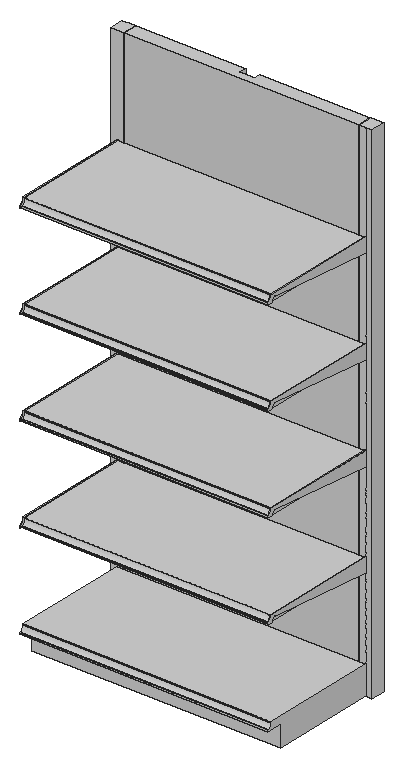
Revit family "TL3", category Specialty Equipment, Revit 2012
Parameters (values of type "Tube Line End (Default)")
  URL = "http://www.madixinc.com/display/tubeline.html#"
  Model = "Tube Line"
  Manufacturer = "Madix, Inc."
  "Right" Shelf Width = 1' - 10"
  "Left" Shelf Width = 1' - 10"
  "Front" Regular Base Shelf [instance] = yes
  "Front" Shelf 2' [instance] = yes
  "Front" Shelf 3' - 6" [instance] = yes
  "Front" Shelf 5' [instance] = yes
  "Front" Shelf 6' - 6" [instance] = yes
  "Front" Shelf Depth = 1' - 10"
  Height = 8' - 0"
Reference planes (in)
  plane 1 "Center (Front/Back)": y = 0
  plane 2: z = 0
  plane 3 "Center (Left/Right)": x = 0
  plane 4: y = 1.1178
  plane 5: y = -1.6322
  plane 6: z = 96
  plane 7: z = 0
  plane 8 "1st shelf": z = 23.5
  plane 9 "2nd shelf": z = 41.5
  plane 10 "3rd shelf": z = 59.5
  plane 11 "4th shelf": z = 77.5
  plane 12: y = -24.5072
  plane 13: x = 0
  plane 14: x = 46.75
  plane 15: x = 0.125
  plane 16: x = 46.625
  plane 17: z = 41.5
  plane 18: y = 23.9928
  plane 19: x = 43.875
  plane 20: x = 2.875
  plane 21: y = -21.6322
  plane 22: y = -24.3822
  plane 23: y = -23.6322
  plane 24: x = 22
  plane 25: x = 24.75
  plane 26: x = 0
Forms (in)
  Extrusion 1, solid, material "Metal - Steel", visible <- ""Front" Shelf 2'"
    sketch origin (0, -0.2572, 0) x (0, 1, 0) y (0, 0, 1)
      loop
        line (-1.375, 23.5) -> (-23.5, 23.5) -> (-23.625, 23.5)
        arc (-23.625, 23.5) -> (-23.83033, 22.87796) -> (-24.25, 22.375) r 1.75
        line (-24.25, 22.375) -> (-24.25, 22.125) -> (-23.375, 22.125) -> (-23.375, 22.375) -> (-22.625, 23) -> (-22.375, 23) -> (-22.375, 22.875) -> (-1.375, 20.75) -> (-1.375, 23.5)
      loop
        circle (-20.375, 23) r 0.125
      loop
        circle (-2.5, 23) r 0.125
    from 0 to 0.125
  Extrusion 2, solid, material "Metal - Steel", visible <- ""Front" Shelf 2'"
    sketch origin (0, -0.2572, 0) x (0, 1, 0) y (0, 0, 1)
      loop
        line (-23.5, 23.5) -> (-23.5, 23.375) -> (-23.375, 23.375)
        arc (-23.375, 23.375) -> (-23.58033, 22.75296) -> (-24, 22.25) r 1.75
        line (-24, 22.25) -> (-24, 22.375) -> (-24.125, 22.375) -> (-24.125, 22.125) -> (-23.375, 22.125) -> (-1.375, 22.125) -> (-1.375, 23.5) -> (-23.5, 23.5)
    from 0.125 to 46.625
  Extrusion 3, solid, material "Metal - Steel", visible <- ""Front" Shelf 2'"
    sketch origin (26.4055, -0.2572, 0) x (0, 1, 0) y (0, 0, -1)
      loop
        line (-1.375, -23.5) -> (-1.375, -20.75) -> (-22.375, -22.875) -> (-22.375, -23) -> (-22.625, -23) -> (-23.375, -22.375) -> (-23.375, -22.125) -> (-24.25, -22.125) -> (-24.25, -22.375)
        arc (-24.25, -22.375) -> (-23.83033, -22.87796) -> (-23.625, -23.5) r 1.75
        line (-23.625, -23.5) -> (-23.5, -23.5) -> (-1.375, -23.5)
      loop
        circle (-20.375, -23) r 0.125
      loop
        circle (-2.5, -23) r 0.125
    from -20.3445 to -20.2195
  Extrusion 4, solid, material "Metal - Steel", visible <- ""Front" Shelf 3' - 6""
    sketch origin (0, -0.2572, 18) x (0, 1, 0) y (0, 0, 1)
      loop
        line (-1.375, 23.5) -> (-23.5, 23.5) -> (-23.625, 23.5)
        arc (-23.625, 23.5) -> (-23.83033, 22.87796) -> (-24.25, 22.375) r 1.75
        line (-24.25, 22.375) -> (-24.25, 22.125) -> (-23.375, 22.125) -> (-23.375, 22.375) -> (-22.625, 23) -> (-22.375, 23) -> (-22.375, 22.875) -> (-1.375, 20.75) -> (-1.375, 23.5)
      loop
        circle (-20.375, 23) r 0.125
      loop
        circle (-2.5, 23) r 0.125
    from 0 to 0.125
  Extrusion 5, solid, material "Metal - Steel", visible <- ""Front" Shelf 3' - 6""
    sketch origin (0, -0.2572, 18) x (0, 1, 0) y (0, 0, 1)
      loop
        line (-23.5, 23.5) -> (-23.5, 23.375) -> (-23.375, 23.375)
        arc (-23.375, 23.375) -> (-23.58033, 22.75296) -> (-24, 22.25) r 1.75
        line (-24, 22.25) -> (-24, 22.375) -> (-24.25, 22.375) -> (-24.25, 22.125) -> (-23.375, 22.125) -> (-1.375, 22.125) -> (-1.375, 23.5) -> (-23.5, 23.5)
    from 0.125 to 46.625
  Extrusion 6, solid, material "Metal - Steel", visible <- ""Front" Shelf 3' - 6""
    sketch origin (26.4055, -0.2572, 18) x (0, 1, 0) y (0, 0, -1)
      loop
        line (-1.375, -23.5) -> (-1.375, -20.75) -> (-22.375, -22.875) -> (-22.375, -23) -> (-22.625, -23) -> (-23.375, -22.375) -> (-23.375, -22.125) -> (-24.25, -22.125) -> (-24.25, -22.375)
        arc (-24.25, -22.375) -> (-23.83033, -22.87796) -> (-23.625, -23.5) r 1.75
        line (-23.625, -23.5) -> (-23.5, -23.5) -> (-1.375, -23.5)
      loop
        circle (-20.375, -23) r 0.125
      loop
        circle (-2.5, -23) r 0.125
    from -20.3445 to -20.2195
  Extrusion 7, solid, material "Metal - Steel", visible <- ""Front" Shelf 5'"
    sketch origin (0, -0.2572, 36) x (0, 1, 0) y (0, 0, 1)
      loop
        line (-1.375, 23.5) -> (-23.5, 23.5) -> (-23.625, 23.5)
        arc (-23.625, 23.5) -> (-23.83033, 22.87796) -> (-24.25, 22.375) r 1.75
        line (-24.25, 22.375) -> (-24.25, 22.125) -> (-23.375, 22.125) -> (-23.375, 22.375) -> (-22.625, 23) -> (-22.375, 23) -> (-22.375, 22.875) -> (-1.375, 20.75) -> (-1.375, 23.5)
      loop
        circle (-20.375, 23) r 0.125
      loop
        circle (-2.5, 23) r 0.125
    from 0 to 0.125
  Extrusion 8, solid, material "Metal - Steel", visible <- ""Front" Shelf 5'"
    sketch origin (0, -0.2572, 36) x (0, 1, 0) y (0, 0, 1)
      loop
        line (-23.5, 23.5) -> (-23.5, 23.375) -> (-23.375, 23.375)
        arc (-23.375, 23.375) -> (-23.58033, 22.75296) -> (-24, 22.25) r 1.75
        line (-24, 22.25) -> (-24, 22.375) -> (-24.25, 22.375) -> (-24.25, 22.125) -> (-23.375, 22.125) -> (-1.375, 22.125) -> (-1.375, 23.5) -> (-23.5, 23.5)
    from 0.125 to 46.625
  Extrusion 9, solid, material "Metal - Steel", visible <- ""Front" Shelf 5'"
    sketch origin (26.4055, -0.2572, 36) x (0, 1, 0) y (0, 0, -1)
      loop
        line (-1.375, -23.5) -> (-1.375, -20.75) -> (-22.375, -22.875) -> (-22.375, -23) -> (-22.625, -23) -> (-23.375, -22.375) -> (-23.375, -22.125) -> (-24.25, -22.125) -> (-24.25, -22.375)
        arc (-24.25, -22.375) -> (-23.83033, -22.87796) -> (-23.625, -23.5) r 1.75
        line (-23.625, -23.5) -> (-23.5, -23.5) -> (-1.375, -23.5)
      loop
        circle (-20.375, -23) r 0.125
      loop
        circle (-2.5, -23) r 0.125
    from -20.3445 to -20.2195
  Extrusion 10, solid, material "Metal - Steel", visible <- ""Front" Shelf 6' - 6""
    sketch origin (0, -0.2572, 54) x (0, 1, 0) y (0, 0, 1)
      loop
        line (-1.375, 23.5) -> (-23.5, 23.5) -> (-23.625, 23.5)
        arc (-23.625, 23.5) -> (-23.83033, 22.87796) -> (-24.25, 22.375) r 1.75
        line (-24.25, 22.375) -> (-24.25, 22.125) -> (-23.375, 22.125) -> (-23.375, 22.375) -> (-22.625, 23) -> (-22.375, 23) -> (-22.375, 22.875) -> (-1.375, 20.75) -> (-1.375, 23.5)
      loop
        circle (-20.375, 23) r 0.125
      loop
        circle (-2.5, 23) r 0.125
    from 0 to 0.125
  Extrusion 11, solid, material "Metal - Steel", visible <- ""Front" Shelf 6' - 6""
    sketch origin (0, -0.2572, 54) x (0, 1, 0) y (0, 0, 1)
      loop
        line (-23.5, 23.5) -> (-23.5, 23.375) -> (-23.375, 23.375)
        arc (-23.375, 23.375) -> (-23.58033, 22.75296) -> (-24, 22.25) r 1.75
        line (-24, 22.25) -> (-24, 22.375) -> (-24.25, 22.375) -> (-24.25, 22.125) -> (-23.375, 22.125) -> (-1.375, 22.125) -> (-1.375, 23.5) -> (-23.5, 23.5)
    from 0.125 to 46.625
  Extrusion 12, solid, material "Metal - Steel", visible <- ""Front" Shelf 6' - 6""
    sketch origin (26.4055, -0.2572, 54) x (0, 1, 0) y (0, 0, -1)
      loop
        line (-1.375, -23.5) -> (-1.375, -20.75) -> (-22.375, -22.875) -> (-22.375, -23) -> (-22.625, -23) -> (-23.375, -22.375) -> (-23.375, -22.125) -> (-24.25, -22.125) -> (-24.25, -22.375)
        arc (-24.25, -22.375) -> (-23.83033, -22.87796) -> (-23.625, -23.5) r 1.75
        line (-23.625, -23.5) -> (-23.5, -23.5) -> (-1.375, -23.5)
      loop
        circle (-20.375, -23) r 0.125
      loop
        circle (-2.5, -23) r 0.125
    from -20.3445 to -20.2195
  Extrusion 13, solid, material "Metal - Steel"
    sketch origin (2.4055, 1.1178, 77.5) x (1, 0, 0) y (0, 1, 0)
      loop
        line (-2.4055, 0) -> (-3.6555, 0) -> (-3.6555, -2.75) -> (-1.1555, -2.75) -> (-1.1555, 0) -> (-2.4055, 0)
      loop
        line (-1.12425, 0) -> (-1.12425, -2.75) -> (43.06325, -2.75) -> (43.06325, 0) -> (22.3445, 0) -> (22.3445, -1.25) -> (19.5945, -1.25) -> (19.5945, 0) -> (-1.12425, 0)
      loop
        line (44.3445, -2.75) -> (45.5945, -2.75) -> (45.5945, 0) -> (43.0945, 0) -> (43.0945, -2.75) -> (44.3445, -2.75)
    from -77.5 to 18.5
  Extrusion 14, solid, material "Metal - Steel", visible <- ""Front" Regular Base Shelf"
    sketch origin (0, -0.2572, 0) x (0, 1, 0) y (0, 0, 1)
      loop
        line (-1.375, 0) -> (-1.375, 5.5) -> (-23.625, 5.5) -> (-23.625, 5.375) -> (-23.5, 5.375)
        arc (-23.5, 5.375) -> (-23.70533, 4.75296) -> (-24.125, 4.25) r 1.75
        line (-24.125, 4.25) -> (-24.125, 4.375) -> (-24.25, 4.375) -> (-24.25, 4.125) -> (-21.375, 4.125) -> (-21.375, 0) -> (-1.375, 0)
    from 0 to 46.75
Dimensions and locks (in)
  "Height": plane 6 to level
  locked: plane 13 to plane 15 at 0.125
  locked: plane 16 to plane 14 at 0.125
  plane 3 "Center (Left/Right)" to Extrusion 13 = 0' - 1 1/4"
  locked: plane 13 to plane 20 at 2.875
  locked: plane 19 to plane 14 at 2.875
  ""Front" Shelf Depth": plane 23 to plane 5
  locked: plane 12 to plane 21 at 2.875
  locked: plane 22 to plane 12 at 0.125
  locked: plane 12 to plane 23 at 0.875
  ""Right" Shelf Width": plane 25 to plane 14
  ""Left" Shelf Width": plane 26 to plane 24
  locked: plane 24 to plane 25 at 2.75
  aligned and locked: level to plane 2
  aligned and locked: Extrusion 2 to Extrusion 3
  aligned and locked: Extrusion 1 to plane 15
  aligned and locked: Extrusion 2 to Extrusion 1
  aligned and locked: plane 16 to Extrusion 3
  aligned and locked: Extrusion 5 to Extrusion 6
  aligned and locked: Extrusion 5 to Extrusion 4
  aligned and locked: Extrusion 4 to Extrusion 1
  aligned and locked: Extrusion 6 to Extrusion 2
  aligned and locked: Extrusion 4 to plane 15
  aligned and locked: Extrusion 8 to Extrusion 9
  aligned and locked: Extrusion 8 to Extrusion 7
  aligned and locked: Extrusion 7 to Extrusion 1
  aligned and locked: Extrusion 9 to Extrusion 2
  aligned and locked: Extrusion 11 to Extrusion 12
  aligned and locked: Extrusion 11 to Extrusion 10
  aligned and locked: Extrusion 10 to Extrusion 1
  aligned and locked: Extrusion 12 to Extrusion 2
  aligned and locked: Extrusion 13 to level
  aligned and locked: plane 13 to Extrusion 10
  aligned and locked: plane 13 to Extrusion 7
  aligned and locked: plane 13 to Extrusion 4
  aligned and locked: plane 13 to Extrusion 1
  aligned and locked: Extrusion 12 to plane 14
  aligned and locked: Extrusion 9 to plane 14
  aligned and locked: Extrusion 6 to plane 14
  aligned and locked: Extrusion 3 to plane 14
  aligned and locked: plane 5 to Extrusion 13
  aligned and locked: Extrusion 13 to plane 6
  aligned and locked: plane 22 to Extrusion 2
  aligned and locked: Extrusion 11 to plane 5
  aligned and locked: plane 13 to Extrusion 14
  aligned and locked: Extrusion 14 to plane 14
  aligned and locked: plane 23 to Extrusion 2
  aligned and locked: Extrusion 2 to plane 5
  aligned and locked: plane 24 to Extrusion 13
  aligned and locked: plane 25 to Extrusion 13
  aligned and locked: plane 13 to plane 26
Automatic sketch dimensions
  Extrusion 1 sketch curve to plane 12 = 0' - 0"
  Extrusion 1 sketch curve to plane 8 "1st shelf" = 0' - 0"
  Extrusion 1 sketch curve to plane 5 = 0' - 0"
  plane 8 "1st shelf" to Extrusion 1 sketch curve = 0' - 0.22784"
  Extrusion 1 sketch curve to plane 12 = 0' - 1.11011"
  plane 12 to Extrusion 1 sketch curve = 0' - 0 5/8"
  Extrusion 1 sketch curve to Extrusion 1 sketch curve = 0' - 0 1/8"  (x2)
  plane 12 to Extrusion 1 sketch curve = 0' - 0 7/8"
  Extrusion 1 sketch curve to Extrusion 1 sketch curve = 0' - 0 3/4"
  Extrusion 1 sketch curve to Extrusion 1 sketch curve = 0' - 0 1/4"  (x2)
  Extrusion 1 sketch curve to plane 8 "1st shelf" = 0' - 0 1/2"  (x2)
  Extrusion 1 sketch curve to Extrusion 1 sketch curve = 0' - 2"
  plane 5 to Extrusion 1 sketch curve = 0' - 1 1/8"
  Extrusion 1 sketch curve to Extrusion 1 sketch curve = 0' - 0"
  Extrusion 1 sketch curve to Extrusion 1 sketch curve = 0' - 2 1/4"
  Extrusion 1 sketch curve to plane 8 "1st shelf" = 0' - 0 5/8"
  Extrusion 2 sketch curve to plane 8 "1st shelf" = 0' - 0"
  Extrusion 2 sketch curve to plane 5 = 0' - 0"
  plane 12 to Extrusion 2 sketch curve = 0' - 0 7/8"  (x2)
  Extrusion 2 sketch curve to plane 8 "1st shelf" = 0' - 0 1/8"
  Extrusion 2 sketch curve to Extrusion 2 sketch curve = 0' - 0 1/8"  (x3)
  plane 12 to Extrusion 2 sketch curve = 0' - 0 1/4"
  plane 12 to Extrusion 2 sketch curve = 0' - 0 1/8"
  plane 8 "1st shelf" to Extrusion 2 sketch curve = 0' - 0.10284"
  Extrusion 2 sketch curve to plane 12 = 0' - 0.86011"
  Extrusion 3 sketch curve to plane 12 = 0' - 0"
  Extrusion 3 sketch curve to plane 8 "1st shelf" = 0' - 0"
  Extrusion 3 sketch curve to plane 5 = 0' - 0"
  plane 8 "1st shelf" to Extrusion 3 sketch curve = 0' - 0.22784"
  Extrusion 3 sketch curve to plane 12 = 0' - 1.11011"
  plane 12 to Extrusion 3 sketch curve = 0' - 0 5/8"
  Extrusion 3 sketch curve to Extrusion 3 sketch curve = 0' - 0 1/8"  (x2)
  plane 12 to Extrusion 3 sketch curve = 0' - 0 7/8"
  Extrusion 3 sketch curve to Extrusion 3 sketch curve = 0' - 0 3/4"
  Extrusion 3 sketch curve to Extrusion 3 sketch curve = 0' - 0 1/4"  (x2)
  Extrusion 3 sketch curve to plane 8 "1st shelf" = 0' - 0 1/2"  (x3)
  Extrusion 3 sketch curve to Extrusion 3 sketch curve = 0' - 2"
  plane 5 to Extrusion 3 sketch curve = 0' - 1 1/8"
  Extrusion 3 sketch curve to Extrusion 3 sketch curve = 0' - 0"
  Extrusion 3 sketch curve to Extrusion 3 sketch curve = 0' - 2 1/4"
  Extrusion 4 sketch curve to plane 12 = 0' - 0"
  Extrusion 4 sketch curve to plane 9 "2nd shelf" = 0' - 0"
  Extrusion 4 sketch curve to plane 5 = 0' - 0"
  plane 9 "2nd shelf" to Extrusion 4 sketch curve = 0' - 0.22784"
  Extrusion 4 sketch curve to plane 12 = 0' - 1.11011"
  plane 12 to Extrusion 4 sketch curve = 0' - 0 5/8"
  Extrusion 4 sketch curve to Extrusion 4 sketch curve = 0' - 0 1/8"  (x2)
  plane 12 to Extrusion 4 sketch curve = 0' - 0 7/8"
  Extrusion 4 sketch curve to Extrusion 4 sketch curve = 0' - 0 3/4"
  Extrusion 4 sketch curve to Extrusion 4 sketch curve = 0' - 0 1/4"  (x2)
  Extrusion 4 sketch curve to plane 9 "2nd shelf" = 0' - 0 1/2"  (x2)
  Extrusion 4 sketch curve to Extrusion 4 sketch curve = 0' - 2"
  plane 5 to Extrusion 4 sketch curve = 0' - 1 1/8"
  Extrusion 4 sketch curve to Extrusion 4 sketch curve = 0' - 0"
  Extrusion 4 sketch curve to Extrusion 4 sketch curve = 0' - 2 1/4"
  Extrusion 4 sketch curve to plane 9 "2nd shelf" = 0' - 0 5/8"
  Extrusion 5 sketch curve to plane 12 = 0' - 0"
  Extrusion 5 sketch curve to plane 9 "2nd shelf" = 0' - 0"
  Extrusion 5 sketch curve to plane 5 = 0' - 0"
  plane 9 "2nd shelf" to Extrusion 5 sketch curve = 0' - 0.10284"
  Extrusion 5 sketch curve to plane 12 = 0' - 0.86011"
  plane 12 to Extrusion 5 sketch curve = 0' - 0 1/4"
  plane 12 to Extrusion 5 sketch curve = 0' - 0 3/4"
  Extrusion 5 sketch curve to Extrusion 5 sketch curve = 0' - 0 5/8"
  Extrusion 5 sketch curve to Extrusion 5 sketch curve = 0' - 0 1/8"  (x2)
  Extrusion 5 sketch curve to plane 9 "2nd shelf" = 0' - 0 1/8"
  Extrusion 5 sketch curve to Extrusion 5 sketch curve = 0' - 0 1/4"
  Extrusion 6 sketch curve to plane 12 = 0' - 0"
  Extrusion 6 sketch curve to plane 9 "2nd shelf" = 0' - 0"
  Extrusion 6 sketch curve to plane 5 = 0' - 0"
  plane 9 "2nd shelf" to Extrusion 6 sketch curve = 0' - 0.22784"
  Extrusion 6 sketch curve to plane 12 = 0' - 1.11011"
  plane 12 to Extrusion 6 sketch curve = 0' - 0 5/8"
  Extrusion 6 sketch curve to Extrusion 6 sketch curve = 0' - 0 1/8"  (x2)
  plane 12 to Extrusion 6 sketch curve = 0' - 0 7/8"
  Extrusion 6 sketch curve to Extrusion 6 sketch curve = 0' - 0 3/4"
  Extrusion 6 sketch curve to Extrusion 6 sketch curve = 0' - 0 1/4"  (x2)
  Extrusion 6 sketch curve to plane 9 "2nd shelf" = 0' - 0 1/2"  (x3)
  Extrusion 6 sketch curve to Extrusion 6 sketch curve = 0' - 2"
  plane 5 to Extrusion 6 sketch curve = 0' - 1 1/8"
  Extrusion 6 sketch curve to Extrusion 6 sketch curve = 0' - 0"
  Extrusion 6 sketch curve to Extrusion 6 sketch curve = 0' - 2 1/4"
  Extrusion 7 sketch curve to plane 12 = 0' - 0"
  Extrusion 7 sketch curve to plane 10 "3rd shelf" = 0' - 0"
  Extrusion 7 sketch curve to plane 5 = 0' - 0"
  plane 10 "3rd shelf" to Extrusion 7 sketch curve = 0' - 0.22784"
  Extrusion 7 sketch curve to plane 12 = 0' - 1.11011"
  plane 12 to Extrusion 7 sketch curve = 0' - 0 5/8"
  Extrusion 7 sketch curve to Extrusion 7 sketch curve = 0' - 0 1/8"  (x2)
  plane 12 to Extrusion 7 sketch curve = 0' - 0 7/8"
  Extrusion 7 sketch curve to Extrusion 7 sketch curve = 0' - 0 3/4"
  Extrusion 7 sketch curve to Extrusion 7 sketch curve = 0' - 0 1/4"  (x2)
  Extrusion 7 sketch curve to plane 10 "3rd shelf" = 0' - 0 1/2"  (x2)
  Extrusion 7 sketch curve to Extrusion 7 sketch curve = 0' - 2"
  plane 5 to Extrusion 7 sketch curve = 0' - 1 1/8"
  Extrusion 7 sketch curve to Extrusion 7 sketch curve = 0' - 0"
  Extrusion 7 sketch curve to Extrusion 7 sketch curve = 0' - 2 1/4"
  Extrusion 7 sketch curve to plane 10 "3rd shelf" = 0' - 0 5/8"
  Extrusion 8 sketch curve to plane 12 = 0' - 0"
  Extrusion 8 sketch curve to plane 10 "3rd shelf" = 0' - 0"
  Extrusion 8 sketch curve to plane 5 = 0' - 0"
  plane 10 "3rd shelf" to Extrusion 8 sketch curve = 0' - 0.10284"
  Extrusion 8 sketch curve to plane 12 = 0' - 0.86011"
  plane 12 to Extrusion 8 sketch curve = 0' - 0 1/4"
  plane 12 to Extrusion 8 sketch curve = 0' - 0 3/4"
  Extrusion 8 sketch curve to Extrusion 8 sketch curve = 0' - 0 5/8"
  Extrusion 8 sketch curve to Extrusion 8 sketch curve = 0' - 0 1/8"  (x2)
  Extrusion 8 sketch curve to plane 10 "3rd shelf" = 0' - 0 1/8"
  Extrusion 8 sketch curve to Extrusion 8 sketch curve = 0' - 0 1/4"
  Extrusion 9 sketch curve to plane 12 = 0' - 0"
  Extrusion 9 sketch curve to plane 10 "3rd shelf" = 0' - 0"
  Extrusion 9 sketch curve to plane 5 = 0' - 0"
  plane 10 "3rd shelf" to Extrusion 9 sketch curve = 0' - 0.22784"
  Extrusion 9 sketch curve to plane 12 = 0' - 1.11011"
  plane 12 to Extrusion 9 sketch curve = 0' - 0 5/8"
  Extrusion 9 sketch curve to Extrusion 9 sketch curve = 0' - 0 1/8"  (x2)
  plane 12 to Extrusion 9 sketch curve = 0' - 0 7/8"
  Extrusion 9 sketch curve to Extrusion 9 sketch curve = 0' - 0 3/4"
  Extrusion 9 sketch curve to Extrusion 9 sketch curve = 0' - 0 1/4"  (x2)
  Extrusion 9 sketch curve to plane 10 "3rd shelf" = 0' - 0 1/2"  (x3)
  Extrusion 9 sketch curve to Extrusion 9 sketch curve = 0' - 2"
  plane 5 to Extrusion 9 sketch curve = 0' - 1 1/8"
  Extrusion 9 sketch curve to Extrusion 9 sketch curve = 0' - 0"
  Extrusion 9 sketch curve to Extrusion 9 sketch curve = 0' - 2 1/4"
  Extrusion 10 sketch curve to plane 12 = 0' - 0"
  Extrusion 10 sketch curve to plane 11 "4th shelf" = 0' - 0"
  Extrusion 10 sketch curve to plane 5 = 0' - 0"
  plane 11 "4th shelf" to Extrusion 10 sketch curve = 0' - 0.22784"
  Extrusion 10 sketch curve to plane 12 = 0' - 1.11011"
  plane 12 to Extrusion 10 sketch curve = 0' - 0 5/8"
  Extrusion 10 sketch curve to Extrusion 10 sketch curve = 0' - 0 1/8"  (x2)
  plane 12 to Extrusion 10 sketch curve = 0' - 0 7/8"
  Extrusion 10 sketch curve to Extrusion 10 sketch curve = 0' - 0 3/4"
  Extrusion 10 sketch curve to Extrusion 10 sketch curve = 0' - 0 1/4"  (x2)
  Extrusion 10 sketch curve to plane 11 "4th shelf" = 0' - 0 1/2"  (x2)
  Extrusion 10 sketch curve to Extrusion 10 sketch curve = 0' - 2"
  plane 5 to Extrusion 10 sketch curve = 0' - 1 1/8"
  Extrusion 10 sketch curve to Extrusion 10 sketch curve = 0' - 0"
  Extrusion 10 sketch curve to Extrusion 10 sketch curve = 0' - 2 1/4"
  Extrusion 10 sketch curve to plane 11 "4th shelf" = 0' - 0 5/8"
  Extrusion 11 sketch curve to plane 12 = 0' - 0"
  Extrusion 11 sketch curve to plane 11 "4th shelf" = 0' - 0"
  plane 5 to Extrusion 11 sketch curve = 0' - 0"
  plane 11 "4th shelf" to Extrusion 11 sketch curve = 0' - 0.10284"
  Extrusion 11 sketch curve to plane 12 = 0' - 0.86011"
  plane 12 to Extrusion 11 sketch curve = 0' - 0 1/4"
  plane 12 to Extrusion 11 sketch curve = 0' - 0 3/4"
  Extrusion 11 sketch curve to Extrusion 11 sketch curve = 0' - 0 5/8"
  Extrusion 11 sketch curve to Extrusion 11 sketch curve = 0' - 0 1/8"  (x2)
  Extrusion 11 sketch curve to plane 11 "4th shelf" = 0' - 0 1/8"
  Extrusion 11 sketch curve to Extrusion 11 sketch curve = 0' - 0 1/4"
  Extrusion 12 sketch curve to plane 12 = 0' - 0"
  Extrusion 12 sketch curve to plane 11 "4th shelf" = 0' - 0"
  Extrusion 12 sketch curve to plane 5 = 0' - 0"
  plane 11 "4th shelf" to Extrusion 12 sketch curve = 0' - 0.22784"
  Extrusion 12 sketch curve to plane 12 = 0' - 1.11011"
  plane 12 to Extrusion 12 sketch curve = 0' - 0 5/8"
  Extrusion 12 sketch curve to Extrusion 12 sketch curve = 0' - 0 1/8"  (x2)
  plane 12 to Extrusion 12 sketch curve = 0' - 0 7/8"
  Extrusion 12 sketch curve to Extrusion 12 sketch curve = 0' - 0 3/4"
  Extrusion 12 sketch curve to Extrusion 12 sketch curve = 0' - 0 1/4"  (x2)
  Extrusion 12 sketch curve to plane 11 "4th shelf" = 0' - 0 1/2"  (x3)
  Extrusion 12 sketch curve to Extrusion 12 sketch curve = 0' - 2"
  plane 5 to Extrusion 12 sketch curve = 0' - 1 1/8"
  Extrusion 12 sketch curve to Extrusion 12 sketch curve = 0' - 0"
  Extrusion 12 sketch curve to Extrusion 12 sketch curve = 0' - 2 1/4"
  Extrusion 13 sketch curve to plane 4 = 0' - 0"  (x4)
  plane 5 to Extrusion 13 sketch curve = 0' - 0"  (x3)
  Extrusion 13 sketch curve to plane 13 = 0' - 0"
  Extrusion 13 sketch curve to plane 14 = 0' - 0"
  plane 13 to Extrusion 13 sketch curve = 0' - 1 1/4"
  plane 15 to Extrusion 13 sketch curve = 0' - 1 1/8"
  Extrusion 13 sketch curve to Extrusion 13 sketch curve = 0' - 0 1/32"  (x2)
  plane 1 "Center (Front/Back)" to Extrusion 13 sketch curve = 0' - 0.1322"
  plane 3 "Center (Left/Right)" to Extrusion 13 sketch curve = 1' - 10"
  plane 3 "Center (Left/Right)" to Extrusion 13 sketch curve = 2' - 0 3/4"
  plane 16 to Extrusion 13 sketch curve = 0' - 1 5/32"
  Extrusion 13 sketch curve to plane 14 = 0' - 1 1/4"
  Extrusion 14 sketch curve to plane 12 = 0' - 0"
  Extrusion 14 sketch curve to plane 22 = 0' - 0"
  Extrusion 14 sketch curve to plane 21 = 0' - 0"
  Extrusion 14 sketch curve to plane 5 = 0' - 0"
  Extrusion 14 sketch curve to level = 0' - 0"
  Extrusion 14 sketch curve to plane 12 = 0' - 0.98511"
  plane 22 to Extrusion 14 sketch curve = 0' - 0 1/2"
  Extrusion 14 sketch curve to Extrusion 14 sketch curve = 0' - 0 1/8"  (x3)
  level to Extrusion 14 sketch curve = 0' - 4 1/8"
  Extrusion 14 sketch curve to Extrusion 14 sketch curve = 0' - 1"
  level to Extrusion 14 sketch curve = 0' - 5 1/2"
  radius of Extrusion 1 sketch curve = 0' - 0 1/8"  (x2)
  radius of Extrusion 3 sketch curve = 0' - 0 1/8"  (x2)
  radius of Extrusion 4 sketch curve = 0' - 0 1/8"  (x2)
  radius of Extrusion 6 sketch curve = 0' - 0 1/8"  (x2)
  radius of Extrusion 7 sketch curve = 0' - 0 1/8"  (x2)
  radius of Extrusion 9 sketch curve = 0' - 0 1/8"  (x2)
  radius of Extrusion 10 sketch curve = 0' - 0 1/8"  (x2)
  radius of Extrusion 12 sketch curve = 0' - 0 1/8"  (x2)
